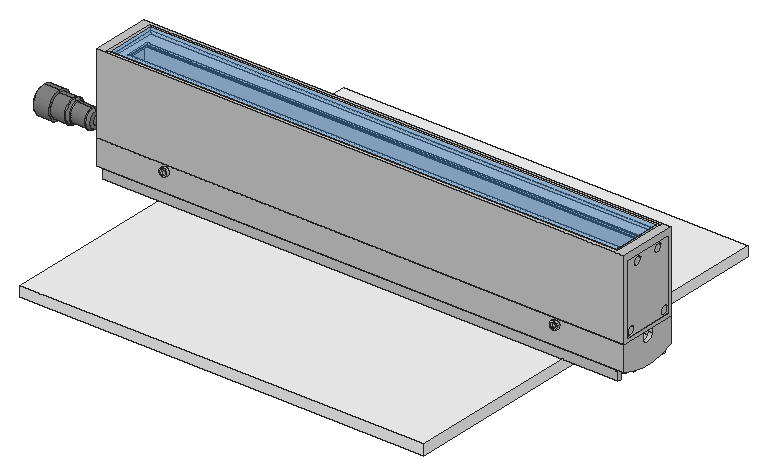
Revit family "BE_77152_de_DE", category Leuchten, Revit 2015
Parameters (values of type "BEGA_77152_Silber_K3")
  built-in parameter 1150104 = 12.525 (stored number, unit not read)
  Wattage = 16.8 W
  Default Elevation = 0 mm
  built-in parameter 1150113 = 1 (stored number, unit not read)
  built-in parameter 1114218 = 1 (stored number, unit not read)
  Umgebungstemperatur = "25 °C"
  URL = "http://www.bega.de/produkt/77152"
  Typenkommentare = "© 2017 BEGA. Wir behalten uns das Recht vor, technische Änderungen ohne vorherige Ankündigung vorzunehmen."  # constant formula
  Type Image = 77152.png
  built-in parameter 1150134 = (empty or 0)
  built-in parameter 1150109 = 1 (stored number, unit not read)
  Strom = ""
  built-in parameter 1150110 = 1 (stored number, unit not read)
  Spannung = 239.996 V
  Sonderanfertigung = no
  Seriennummer [instance] = "Hier können Sie die eindeutige Seriennummer für das Facility Management eintragen."
  Schutzklasse = "I"
  Schutzart = "IP 65"
  Scheinlast = 0 VA
  Produktdatenblatt = "http://www.bega.de/download/Xrfa/db/77152.db.de.pdf"
  Oberflächentemperatur = ""
  Neigungswinkel = 0.00°
  Modell = "77152AK3"
  Material_18 = BEGA_Gummi_schwarz
  Material_17 = BEGA_Reflektor
  Material_15 = BEGA_Leuchtmedium_matt
  Material_11 = BEGA_Glas_opal
  Material_10 = BEGA_Glas_matt
  Material_09 = BEGA_Glas_klar
  Material_06 = BEGA_Oberfläche_Edelstahl_gebürstet
  Material_04 = BEGA_Kunststoff_Grafit_matt
  Material_03 = BEGA_Oberfläche_Weiss_matt
  Material_02 = BEGA_Oberfläche_Silber_matt
  Material_01 [instance] = BEGA_Oberfläche_Grafit_matt
  M_G = no
  M_A = yes
  Logo = 0
  built-in parameter 1114217 = 1 (stored number, unit not read)
  built-in parameter 1150139 = (empty or 0)
  built-in parameter 1150105 = 180.24 (stored number, unit not read)
  built-in parameter 1150114 = 1 (stored number, unit not read)
  Lumens = 2264.98 lm
  built-in parameter 1150115 = 1 (stored number, unit not read)
  Leuchtenlichtstrom = "1191 lm"
  Leuchtenanzahl = ""
  Lebensdauerkriterien = "L70 = 50.000 h"
  Lastklassifizierung = Beleuchtung
  built-in parameter 1150112 = 1 (stored number, unit not read)
  Lampenlichtstrom = "2265 lm"
  Lampe = "LED 16.8 W"
  LED_Modulbezeichnung = "LED-0612/830"
  built-in parameter 1150142 = (empty or 0)
  Hersteller = "BEGA"  # constant formula
  Halbstreuwinkel = ""
  Gewicht = "3.0 kg"
  Gebrauchslageneinschränkung [instance] = ""
  Frequenz = "0/50-60 Hz"
  Farbwiedergabeindex = "Ra > 80"
  Farbtemperaturverschiebung bei Dämpfen der Lampe = <Keine Auswahl>
  Farbtemperatur = "3000 K"
  Color Filter = 16777215
  built-in parameter 1150133 = 10 (stored number, unit not read)
  Energieeffizienzklasse = "LED A++ - A"
  built-in parameter 1150137 = (empty or 0)
  built-in parameter 1150132 = (empty or 0)
  ENEC = ""
  Dimmbar [instance] = "DALI"
  Datei für fotometrisches Netz = "BE_77152K3.IES"
  CE_Konformität = "ja"
  Bestellnummer = "77152AK3"
  Beschreibung_Sonderanfertigung = "Hier können Sie Informationen zur Sonderanfertigung eintragen."
  Beschreibung = "Fassadenscheinwerfer"
  built-in parameter 1150106 = 1.8024 (stored number, unit not read)
  Befestigungsbohrung = "Ø 7 mm"
  Befestigungsabstand = "400 mm"
  Ballwurfsicher = ""
  BEGA_Intern_aus = yes
  BEGA_Intern_an = yes
  BEGA_Intern_Konstruktion = yes
  BEGA_Intern = yes
  BEGA_IES = yes
  BEGA_Dummy = no
  Anschlussleitung = "0.5 m X05BQ-F 5 G 1²"
  Anschlussleistung [instance] = "19.5 W"
  Anschlusskasten = ""
  built-in parameter 1150107 = 3000 (stored number, unit not read)
  built-in parameter 1150102 = (empty or 0)
  built-in parameter 1150138 = (empty or 0)
  Aktualisierung = "2017-01-26T04:13:31"
  Abstand_zur_angestrahlten_Fläche [instance] = ""
  AC/DC = "AC/DC"
Types (4, lengths in mm): name | built-in parameter 1150104 | built-in parameter 1150134 | Modell | M_G | M_A | built-in parameter 1150105 | Lumens | Leuchtenlichtstrom | Lampenlichtstrom | LED_Modulbezeichnung | Farbtemperatur | Datei für fotometrisches Netz | Bestellnummer | built-in parameter 1150106 | built-in parameter 1150107
  BEGA_77152_Grafit_K3 | 12.525 (stored number, unit not read) | (empty or 0) | "77152K3" | yes | no | 180.24 (stored number, unit not read) | 2264.98 lm | "1191 lm" | "2265 lm" | "LED-0612/830" | "3000 K" | "BE_77152K3.IES" | "77152K3" | 1.8024 (stored number, unit not read) | 3000 (stored number, unit not read)
  BEGA_77152_Silber_K4 | 13.686 (stored number, unit not read) | 12 | "77152A" | no | yes | 196.95 (stored number, unit not read) | 2474.98 lm | "1302 lm" | "2475 lm" | "LED-0612/840" | "4000 K" | "BE_77152.IES" | "77152A" | 1.9695 (stored number, unit not read) | 4000 (stored number, unit not read)
  BEGA_77152_Silber_K3 | 12.525 (stored number, unit not read) | (empty or 0) | "77152AK3" | no | yes | 180.24 (stored number, unit not read) | 2264.98 lm | "1191 lm" | "2265 lm" | "LED-0612/830" | "3000 K" | "BE_77152K3.IES" | "77152AK3" | 1.8024 (stored number, unit not read) | 3000 (stored number, unit not read)
  BEGA_77152_Grafit_K4 | 13.686 (stored number, unit not read) | 12 | "77152" | yes | no | 196.95 (stored number, unit not read) | 2474.98 lm | "1302 lm" | "2475 lm" | "LED-0612/840" | "4000 K" | "BE_77152.IES" | "77152" | 1.9695 (stored number, unit not read) | 4000 (stored number, unit not read)
Reference planes
  plane 1 "Mitte (Vorne/Hinten)": y = 0
  plane 2: z = 0
  plane 3 "Mitte (Links/Rechts)": x = 0
  plane 4 "Links": x = -261
  plane 5 "Rechts": x = 261
  plane 6 "Unten": y = -29
  plane 7 "Oben": y = 29
  plane 8 "Vorne": z = 113.3
  plane 9 "Hinten": z = -10
Forms (mm)
  Extrusion 1, solid, material "BEGA_Platte_Weiss"
    sketch origin (0, -1119.2, 0) x (1, 0, 0) y (0, 1, 0)
      loop
        line (-200, 1319.2) -> (-200, 919.2) -> (200, 919.2) -> (200, 1319.2) -> (-200, 1319.2)
    from 0 to -10
  Extrusion 2, solid, material "BEGA_Dummy_matt", visible <- "BEGA_Dummy"
    sketch origin (80.095, -76.023, 0) x (1, 0, 0) y (0, 1, 0)
      loop
        line (-341.095, 105.023) -> (-341.095, 47.023) -> (180.905, 47.023) -> (180.905, 105.023) -> (-341.095, 105.023)
    from 0 to 113.3
Dimensions and locks
  plane 1 "Mitte (Vorne/Hinten)" to Extrusion 1 = 200 mm
  aligned and locked: plane 2 to Extrusion 1
  aligned and locked: level to Extrusion 1
Nested families
  nested 1: "BE_77152_Scheinwerfer" at (0, 0, 0), type "BE_77152_Scheinwerfer"
Connectors
  electrical at (0, 0, 0), driven by "Lastklassifizierung", driven by "Spannung", driven by "Scheinlast"
    settings: index 1, voltage 239.996 V, apparent load 0 VA, apparent load phase1 0 VA, apparent load phase2 0 VA, apparent load phase3 0 VA, power factor 1, load classification "Beleuchtung", number of poles 1, system type 31, power factor state 1, is connector primary yes, connector utility no, sub classification motor no, connector description ""
Definition of nested family "BE_77152_Scheinwerfer"
  Parameters (values of type "BE_77152_Scheinwerfer")
    Default Elevation = 1 mm
    URL = "http://www.bega.de/de/produkt"
    Type Comments = "© 2015 BEGA. Wir behalten uns das Recht vor, technische Änderungen ohne vorherige Ankündigung vorzunehmen. "  # constant formula
    Type Image = (empty or 0)
    Material_18 = none
    Material_17 = none
    Material_15 = none
    Material_11 = none
    Material_10 = none
    Material_09 = none
    Material_06 = none
    Material_04 = none
    Material_03 = none
    Material_02 = none
    Material_01 = none
    M_W = yes
    M_G = yes
    M_A = yes
    Länge_Platte = 600 mm  # constant formula
    Höhe_Platte = -10 mm  # constant formula
    Manufacturer = "BEGA"  # constant formula
    Breite_Platte = 200 mm  # constant formula
  Reference planes
    plane 1 "Mitte (Oben/Unten)": y = 0
    plane 2: z = 0
    plane 3 "Mitte (Links/Rechts)": x = 0
    plane 4: x = -342.9
    plane 5: x = 261
    plane 6: z = 113.3
    plane 7: y = -29
    plane 8: y = 29
  Forms (mm)
    Extrusion 1, solid, detail levels medium
      sketch origin (0, 0, 0) x (1, 0, 0) y (0, 1, 0)
        loop
          line (-300, 100) -> (-300, -100) -> (300, -100) -> (300, 100) -> (-300, 100)
      from 0 to -10 <- "Höhe_Platte"
    Extrusion 2, solid, material <- "Material_01", visible <- "M_G", detail levels medium+fine
      sketch origin (0, 0, 0) x (0, 1, 0) y (0, 0, 1)
        loop
          line (-29, 0) -> (-26.3, 0) -> (-26.3, 4.91)
          arc (-26.3, 4.91) -> (-26.086, 5.32) -> (-25.627, 5.379) r 0.5
          arc (-25.627, 5.379) -> (-17.92, 3.003) -> (-10, 1.479) r 74
          line (-10, 1.479) -> (-10, 0.2) -> (10, 0.2) -> (10, 1.482)
          arc (10, 1.482) -> (17.921, 3.006) -> (25.629, 5.383) r 73.998
          arc (25.629, 5.383) -> (26.086, 5.326) -> (26.299, 4.918) r 0.497
          line (26.299, 4.918) -> (26.299, 0) -> (29, 0) -> (29, 8.899)
          arc (29, 8.899) -> (28.775, 9.317) -> (28.302, 9.358) r 0.5
          arc (28.302, 9.358) -> (0, 3.5) -> (-28.301, 9.358) r 71.3
          arc (-28.301, 9.358) -> (-28.774, 9.317) -> (-29, 8.899) r 0.5
          line (-29, 8.899) -> (-29, 0)
      from -255 to 255
    Extrusion 3, solid, material <- "Material_01", visible <- "M_G", detail levels medium+fine
      sketch origin (0, 0, 0) x (0, 1, 0) y (0, 0, 1)
        loop
          arc (-29, 9.993) -> (0, 3.8) -> (29, 9.993) r 71
          line (29, 9.993) -> (29, 34.8) -> (25.401, 34.8) -> (25.401, 12.395)
          arc (25.401, 12.395) -> (0, 7.696) -> (-25.401, 12.395) r 71
          line (-25.401, 12.395) -> (-25.401, 34.8) -> (-29, 34.8) -> (-29, 9.993)
      from -261 to 261
    Sweep 4, solid, material <- "Material_01", visible <- "M_G", detail levels medium+fine
      path origin (0, 0, 0) x (1, 0, 0) y (0, 1, 0)
        loop
          line (-261, 29) -> (-261, -29) -> (261, -29) -> (261, 29) -> (-261, 29)
      profile origin (-261, 0, 0) x (1, 0, 0) y (0, 0, 1)
        loop
          line (0, 113.3) -> (0, 34.8) -> (11, 34.8) -> (11, 40.679) -> (3.5, 40.679) -> (3.5, 103.406) -> (17.035, 103.406)
          arc (17.035, 103.406) -> (17.719, 103.711) -> (18, 104.406) r 1
          line (18, 104.406) -> (18, 105.896)
          arc (18, 105.896) -> (17.713, 106.596) -> (17.017, 106.895) r 1
          line (17.017, 106.895) -> (11.125, 106.895) -> (8.794, 113.3) -> (0, 113.3)
    Extrusion 5, void
      sketch origin (0, 0, 0) x (1, 0, 0) y (0, 0, 1)
        loop
          line (261, 37.756) -> (261, 107.746) -> (258.218, 107.746) -> (258.218, 37.756) -> (261, 37.756)
      from -26.267 to 26.244
    Extrusion 6, solid, material <- "Material_01", visible <- "M_G", detail levels medium+fine
      sketch origin (0, 0, 0) x (1, 0, 0) y (0, 0, 1)
        loop
          line (260.719, 106.748) -> (258.218, 106.748) -> (258.218, 38.353) -> (260.719, 38.353) -> (260.719, 106.748)
      from -25.5 to 25.5
    Extrusion 7, solid, material <- "Material_01", visible <- "M_G", detail levels medium+fine
      sketch origin (0, 0, 0) x (0, 1, 0) y (0, 0, 1)
        loop
          line (-29, 34.8) -> (-29, 9.993)
          arc (-29, 9.993) -> (0, 3.8) -> (29, 9.993) r 71
          line (29, 9.993) -> (29, 34.8) -> (6, 34.8) -> (6, 29.8)
          arc (6, 29.8) -> (0, 23.8) -> (-6, 29.8) r 6
          line (-6, 29.8) -> (-6, 34.8) -> (-29, 34.8)
      from 257 to 261
    Extrusion 8, solid, material <- "Material_01", visible <- "M_G", detail levels medium+fine
      sketch origin (0, 0, 0) x (0, 1, 0) y (0, 0, -1)
        loop
          line (-29, -34.8) -> (-6, -34.8) -> (-6, -29.8)
          arc (-6, -29.8) -> (0, -23.8) -> (6, -29.8) r 6
          line (6, -29.8) -> (6, -34.8) -> (29, -34.8) -> (29, -10.487)
          arc (29, -10.487) -> (0, -4.294) -> (-29, -10.487) r 71
          line (-29, -10.487) -> (-29, -34.8)
      from 257 to 261
    Extrusion 9, void
      sketch origin (0, 0, 0) x (1, 0, 0) y (0, 1, 0)
        loop
          circle (0, 0) r 7.5
        loop
          circle (-200, 0) r 3.5
        loop
          circle (200, 0) r 3.5
      from 0 to 10
    Revolve 10, solid, material <- "Material_01", visible <- "M_G", detail levels medium+fine
      sketch origin (-193, 0, 0) x (0, 1, 0) y (0, 0, 1)
        loop
          line (-31.453, 32.75) -> (-31.453, 31.8) -> (-27.5, 31.8) -> (-27.5, 32.75) -> (-31.453, 32.75)
        axis (-31.453, 28.8) -> (-27.5, 28.8)
      angle from 0 to 360
    Revolve 11, solid, material <- "Material_01", visible <- "M_G", detail levels medium+fine
      sketch origin (193, 0, 0) x (0, 1, 0) y (0, 0, -1)
        loop
          line (-31.453, -32.75) -> (-27.5, -32.75) -> (-27.5, -31.8) -> (-31.453, -31.8) -> (-31.453, -32.75)
        axis (-31.453, -28.8) -> (-27.5, -28.8)
      angle from 0 to 360
    Revolve 12, solid, material <- "Material_06", detail levels fine
      sketch origin (-193, 0, 0) x (0, 1, 0) y (0, 0, 1)
        loop
          line (-30.053, 31.8) -> (-30.053, 28.8) -> (-26.193, 28.8) -> (-26.193, 31.8) -> (-30.053, 31.8)
        axis (-30.053, 28.8) -> (-26.193, 28.8)
      angle from 0 to 360
    Revolve 13, solid, material <- "Material_06", detail levels fine
      sketch origin (193, 0, 0) x (0, 1, 0) y (0, 0, -1)
        loop
          line (-30.053, -31.8) -> (-26.193, -31.8) -> (-26.193, -28.8) -> (-30.053, -28.8) -> (-30.053, -31.8)
        axis (-30.053, -28.8) -> (-26.193, -28.8)
      angle from 0 to 360
    Revolve 14, solid, material <- "Material_04", detail levels medium+fine
      sketch origin (0, 0, 0) x (1, 0, 0) y (0, 0, 1)
        loop
          line (-320.8, 43.3) -> (-335.5, 43.3) -> (-336.7, 42.1) -> (-336.7, 32.8) -> (-342.9, 32.8) -> (-342.9, 29.8) -> (-260.5, 29.8) -> (-260.5, 34.15) -> (-284, 34.15) -> (-284, 37.8) -> (-287, 39.3) -> (-288, 39.3)
          arc (-288, 39.3) -> (-288.146, 38.947) -> (-288.5, 38.8) r 0.5
          line (-288.5, 38.8) -> (-302.464, 38.8)
          arc (-302.464, 38.8) -> (-303.418, 38.99) -> (-304.228, 39.528) r 2.5
          line (-304.228, 39.528) -> (-305.707, 41.008)
          arc (-305.707, 41.008) -> (-306.032, 41.224) -> (-306.414, 41.3) r 1
          line (-306.414, 41.3) -> (-320, 41.3) -> (-320, 39.8) -> (-320.8, 39.8) -> (-320.8, 43.3)
        axis (-342.9, 29.8) -> (-260.5, 29.8)
      angle from 0 to 360
    Revolve 15, void
      sketch origin (0, -12.5, -0.101) x (1, 0, 0) y (0, 0, 1)
        loop
          line (261.225, 106.482) -> (258.494, 103.752) -> (258.494, 101.902) -> (261.225, 101.902) -> (261.225, 106.482)
        axis (258.494, 101.902) -> (261.225, 101.902)
      angle from 0 to 360
    Revolve 16, void
      sketch origin (0, 12.5, -0.101) x (1, 0, 0) y (0, 0, -1)
        loop
          line (261.225, -106.482) -> (261.225, -101.902) -> (258.494, -101.902) -> (258.494, -103.752) -> (261.225, -106.482)
        axis (258.494, -101.902) -> (261.225, -101.902)
      angle from 0 to 360
    Revolve 17, void
      sketch origin (0, -20.5, -58.602) x (1, 0, 0) y (0, 0, 1)
        loop
          line (261.225, 106.482) -> (258.494, 103.752) -> (258.494, 101.902) -> (261.225, 101.902) -> (261.225, 106.482)
        axis (258.494, 101.902) -> (261.225, 101.902)
      angle from 0 to 360
    Revolve 18, void
      sketch origin (0, 20.5, -58.602) x (1, 0, 0) y (0, 0, -1)
        loop
          line (261.225, -106.482) -> (261.225, -101.902) -> (258.494, -101.902) -> (258.494, -103.752) -> (261.225, -106.482)
        axis (258.494, -101.902) -> (261.225, -101.902)
      angle from 0 to 360
    Extrusion 19, solid, material <- "Material_06", detail levels fine
      sketch origin (0, 0, 0) x (0, 1, 0) y (0, 0, 1)
        loop
          circle (-12.5, 101.8) r 4.009
        loop
          circle (12.5, 101.8) r 4.009
        loop
          circle (-20.5, 43.3) r 4.009
        loop
          circle (20.5, 43.3) r 4.009
      from 259.244 to 260.506
    Extrusion 20, solid, material <- "Material_10", detail levels medium+fine
      sketch origin (0, 0, 0) x (1, 0, 0) y (0, 0, 1)
        loop
          line (-250.25, 113) -> (-250.25, 109) -> (250.25, 109) -> (250.25, 113) -> (-250.25, 113)
      from -25 to 25
    Sweep 21, void
      path origin (0, 0, 0) x (1, 0, 0) y (0, 1, 0)
        loop
          line (255, 29) -> (-255, 29) -> (-255, -29) -> (255, -29) -> (255, 29)
      profile origin (0, 29, 0) x (0, -1, 0) y (0, 0, 1)
        loop
          line (12.06, 106.895) -> (9.517, 113.881) -> (2.237, 113.881) -> (4.779, 106.895) -> (12.06, 106.895)
    Extrusion 22, solid, material <- "Material_02", visible <- "M_A", detail levels medium+fine
      sketch origin (0, 0, 0) x (0, 1, 0) y (0, 0, 1)
        loop
          line (-29, 0) -> (-26.3, 0) -> (-26.3, 4.91)
          arc (-26.3, 4.91) -> (-26.086, 5.32) -> (-25.627, 5.379) r 0.5
          arc (-25.627, 5.379) -> (-17.92, 3.003) -> (-10, 1.479) r 74
          line (-10, 1.479) -> (-10, 0.2) -> (10, 0.2) -> (10, 1.482)
          arc (10, 1.482) -> (17.921, 3.006) -> (25.629, 5.383) r 73.998
          arc (25.629, 5.383) -> (26.086, 5.326) -> (26.299, 4.918) r 0.497
          line (26.299, 4.918) -> (26.299, 0) -> (29, 0) -> (29, 8.899)
          arc (29, 8.899) -> (28.775, 9.317) -> (28.302, 9.358) r 0.5
          arc (28.302, 9.358) -> (0, 3.5) -> (-28.301, 9.358) r 71.3
          arc (-28.301, 9.358) -> (-28.774, 9.317) -> (-29, 8.899) r 0.5
          line (-29, 8.899) -> (-29, 0)
      from -255 to 255
    Extrusion 23, solid, material <- "Material_02", visible <- "M_A", detail levels medium+fine
      sketch origin (0, 0, 0) x (0, 1, 0) y (0, 0, 1)
        loop
          arc (-29, 9.993) -> (0, 3.8) -> (29, 9.993) r 71
          line (29, 9.993) -> (29, 34.8) -> (25.401, 34.8) -> (25.401, 12.395)
          arc (25.401, 12.395) -> (0, 7.696) -> (-25.401, 12.395) r 71
          line (-25.401, 12.395) -> (-25.401, 34.8) -> (-29, 34.8) -> (-29, 9.993)
      from -261 to 261
    Extrusion 24, solid, material <- "Material_02", visible <- "M_A", detail levels medium+fine
      sketch origin (0, 0, 0) x (0, 1, 0) y (0, 0, 1)
        loop
          line (-29, 34.8) -> (-29, 9.993)
          arc (-29, 9.993) -> (0, 3.8) -> (29, 9.993) r 71
          line (29, 9.993) -> (29, 34.8) -> (6, 34.8) -> (6, 29.8)
          arc (6, 29.8) -> (0, 23.8) -> (-6, 29.8) r 6
          line (-6, 29.8) -> (-6, 34.8) -> (-29, 34.8)
      from 257 to 261
    Extrusion 25, solid, material <- "Material_02", visible <- "M_A", detail levels medium+fine
      sketch origin (0, 0, 0) x (0, 1, 0) y (0, 0, -1)
        loop
          line (-29, -34.8) -> (-6, -34.8) -> (-6, -29.8)
          arc (-6, -29.8) -> (0, -23.8) -> (6, -29.8) r 6
          line (6, -29.8) -> (6, -34.8) -> (29, -34.8) -> (29, -10.487)
          arc (29, -10.487) -> (0, -4.294) -> (-29, -10.487) r 71
          line (-29, -10.487) -> (-29, -34.8)
      from 257 to 261
    Revolve 26, solid, material <- "Material_02", visible <- "M_A", detail levels medium+fine
      sketch origin (-193, 0, 0) x (0, 1, 0) y (0, 0, 1)
        loop
          line (-31.453, 32.75) -> (-31.453, 31.8) -> (-27.5, 31.8) -> (-27.5, 32.75) -> (-31.453, 32.75)
        axis (-31.453, 28.8) -> (-27.5, 28.8)
      angle from 0 to 360
    Revolve 27, solid, material <- "Material_02", visible <- "M_A", detail levels medium+fine
      sketch origin (193, 0, 0) x (0, 1, 0) y (0, 0, -1)
        loop
          line (-31.453, -32.75) -> (-27.5, -32.75) -> (-27.5, -31.8) -> (-31.453, -31.8) -> (-31.453, -32.75)
        axis (-31.453, -28.8) -> (-27.5, -28.8)
      angle from 0 to 360
    Sweep 28, solid, material <- "Material_02", visible <- "M_A", detail levels medium+fine
      path origin (0, 0, 0) x (1, 0, 0) y (0, 1, 0)
        loop
          line (-261, 29) -> (-261, -29) -> (261, -29) -> (261, 29) -> (-261, 29)
      profile origin (-261, 0, 0) x (1, 0, 0) y (0, 0, 1)
        loop
          line (0, 113.3) -> (0, 34.8) -> (11, 34.8) -> (11, 40.679) -> (3.5, 40.679) -> (3.5, 103.406) -> (17.035, 103.406)
          arc (17.035, 103.406) -> (17.719, 103.711) -> (18, 104.406) r 1
          line (18, 104.406) -> (18, 105.896)
          arc (18, 105.896) -> (17.713, 106.596) -> (17.017, 106.895) r 1
          line (17.017, 106.895) -> (11.125, 106.895) -> (8.794, 113.3) -> (0, 113.3)
    Extrusion 29, solid, material <- "Material_02", visible <- "M_A", detail levels medium+fine
      sketch origin (0, 0, 0) x (1, 0, 0) y (0, 0, 1)
        loop
          line (260.719, 106.748) -> (258.218, 106.748) -> (258.218, 38.353) -> (260.719, 38.353) -> (260.719, 106.748)
      from -25.5 to 25.5
  Cuts and joins
    Extrusion 5, Sweep 21 cuts Sweep 4
    Extrusion 9 cuts Extrusion 3
    Extrusion 9 cuts Extrusion 7
    Extrusion 9 cuts Extrusion 8
    joined: Extrusion 3, Extrusion 7, Extrusion 8, Revolve 10, Revolve 11
    Extrusion 9 cuts Extrusion 2
    Revolve 15, Revolve 16, Revolve 17, Revolve 18 cuts Extrusion 6
    Extrusion 9 cuts Extrusion 22
    joined: Extrusion 23, Extrusion 24, Extrusion 25, Revolve 26, Revolve 27
    Extrusion 5, Sweep 21 cuts Sweep 28
    Revolve 15, Revolve 16, Revolve 17, Revolve 18 cuts Extrusion 29
  Dimensions and locks
    equal spacing: Extrusion 1 sketch curve, plane 3 "Mitte (Links/Rechts)", Extrusion 1 sketch curve
    equal spacing: Extrusion 1 sketch curve, plane 1 "Mitte (Oben/Unten)", Extrusion 1 sketch curve
    "Länge_Platte": Extrusion 1 sketch curve to Extrusion 1 sketch curve
    "Breite_Platte": Extrusion 1 sketch curve to Extrusion 1 sketch curve
    level to Extrusion 3 = 34.8 mm
    aligned and locked: Extrusion 1 to plane 2
    aligned and locked: level to Extrusion 1
  Automatic sketch dimensions
    Extrusion 2 sketch curve to Extrusion 2 sketch curve = 0 mm  (x5)
    Extrusion 2 sketch curve to level = 0 mm  (x2)
    level to Extrusion 2 sketch curve = 8.899 mm
    plane 1 "Mitte (Oben/Unten)" to Extrusion 2 sketch curve = 29 mm
    Extrusion 2 sketch curve to Extrusion 2 sketch curve = 0.5 mm  (x2)
    Extrusion 2 sketch curve to Extrusion 2 sketch curve = 2.7 mm
    level to Extrusion 2 sketch curve = 0.2 mm
    plane 1 "Mitte (Oben/Unten)" to Extrusion 2 sketch curve = 10 mm
    Extrusion 2 sketch curve to plane 1 "Mitte (Oben/Unten)" = 0 mm  (x2)
    Extrusion 2 sketch curve to plane 1 "Mitte (Oben/Unten)" = 10 mm
    level to Extrusion 2 sketch curve = 4.918 mm
    Extrusion 2 sketch curve to Extrusion 2 sketch curve = 15.802 mm
    Extrusion 2 sketch curve to Extrusion 2 sketch curve = 0.497 mm
    Extrusion 2 sketch curve to Extrusion 2 sketch curve = 2.201 mm
    Extrusion 2 sketch curve to Extrusion 2 sketch curve = 2.701 mm
    Extrusion 2 sketch curve to Extrusion 2 sketch curve = 1.279 mm
    Extrusion 2 sketch curve to Extrusion 2 sketch curve = 1.282 mm
    Extrusion 2 sketch curve to Extrusion 2 sketch curve = 3.989 mm
    Extrusion 2 sketch curve to Extrusion 2 sketch curve = 3.981 mm
    Extrusion 2 sketch curve to Extrusion 2 sketch curve = 65.901 mm
    Extrusion 2 sketch curve to Extrusion 2 sketch curve = 0.002 mm
    Extrusion 2 sketch curve to Extrusion 2 sketch curve = 0.198 mm  (x2)
    Extrusion 3 sketch curve to plane 1 "Mitte (Oben/Unten)" = 0 mm  (x2)
    plane 1 "Mitte (Oben/Unten)" to Extrusion 3 sketch curve = 25.401 mm
    Extrusion 3 sketch curve to Extrusion 3 sketch curve = 3.599 mm  (x2)
    level to Extrusion 3 sketch curve = 12.395 mm
    Extrusion 3 sketch curve to plane 1 "Mitte (Oben/Unten)" = 25.401 mm
    Extrusion 3 sketch curve to Extrusion 3 sketch curve = 2.402 mm
    Extrusion 3 sketch curve to Extrusion 3 sketch curve = 22.405 mm  (x2)
    Extrusion 3 sketch curve to Extrusion 3 sketch curve = 40 mm
    Extrusion 3 sketch curve to Extrusion 3 sketch curve = 3.895 mm
    plane 1 "Mitte (Oben/Unten)" to Sweep 4 sketch curve = 29 mm
    Sweep 4 sketch curve to plane 3 "Mitte (Links/Rechts)" = 261 mm
    plane 3 "Mitte (Links/Rechts)" to Sweep 4 sketch curve = 261 mm
    Sweep 4 sketch curve to plane 1 "Mitte (Oben/Unten)" = 29 mm
    profile plane to Sweep 4 sketch curve = 0 mm
    Sweep 4 sketch curve to profile plane = 3.5 mm
    Sweep 4 sketch curve to profile plane = 8.794 mm
    Sweep 4 sketch curve to Sweep 4 sketch curve = 7.5 mm
    Sweep 4 sketch curve to Sweep 4 sketch curve = 2.331 mm
    Sweep 4 sketch curve to Sweep 4 sketch curve = 5.875 mm
    Sweep 4 sketch curve to Sweep 4 sketch curve = 0 mm
    Sweep 4 sketch curve to Sweep 4 sketch curve = 0.017 mm
    Sweep 4 sketch curve to Sweep 4 sketch curve = 0.035 mm
    Sweep 4 sketch curve to Sweep 4 sketch curve = 1 mm
    level to Sweep 4 sketch curve = 34.8 mm
    Sweep 4 sketch curve to Sweep 4 sketch curve = 5.878 mm
    Sweep 4 sketch curve to Sweep 4 sketch curve = 62.728 mm
    Sweep 4 sketch curve to Sweep 4 sketch curve = 1.49 mm
    Sweep 4 sketch curve to Sweep 4 sketch curve = 9.894 mm
    level to Extrusion 5 sketch curve = 37.756 mm
    plane 3 "Mitte (Links/Rechts)" to Extrusion 5 sketch curve = 258.218 mm
    Extrusion 5 sketch curve to Extrusion 5 sketch curve = 2.782 mm
    Extrusion 5 sketch curve to Extrusion 5 sketch curve = 69.99 mm
    level to Extrusion 6 sketch curve = 38.353 mm
    plane 3 "Mitte (Links/Rechts)" to Extrusion 6 sketch curve = 258.218 mm
    Extrusion 6 sketch curve to Extrusion 6 sketch curve = 2.501 mm
    Extrusion 6 sketch curve to Extrusion 6 sketch curve = 68.395 mm
    Extrusion 7 sketch curve to plane 1 "Mitte (Oben/Unten)" = 0 mm  (x2)
    plane 1 "Mitte (Oben/Unten)" to Extrusion 7 sketch curve = 6 mm
    Extrusion 7 sketch curve to Extrusion 7 sketch curve = 23 mm
    level to Extrusion 7 sketch curve = 9.993 mm
    Extrusion 7 sketch curve to plane 1 "Mitte (Oben/Unten)" = 29 mm
    level to Extrusion 7 sketch curve = 29.8 mm
    Extrusion 7 sketch curve to Extrusion 7 sketch curve = 5 mm  (x2)
    Extrusion 7 sketch curve to Extrusion 7 sketch curve = 40 mm
    Extrusion 8 sketch curve to plane 1 "Mitte (Oben/Unten)" = 0 mm  (x2)
    plane 1 "Mitte (Oben/Unten)" to Extrusion 8 sketch curve = 6 mm
    Extrusion 8 sketch curve to Extrusion 8 sketch curve = 23 mm
    level to Extrusion 8 sketch curve = 10.487 mm
    Extrusion 8 sketch curve to plane 1 "Mitte (Oben/Unten)" = 29 mm
    level to Extrusion 8 sketch curve = 29.8 mm
    Extrusion 8 sketch curve to Extrusion 8 sketch curve = 5 mm  (x2)
    Extrusion 8 sketch curve to Extrusion 8 sketch curve = 40.494 mm
    Extrusion 9 sketch curve to plane 1 "Mitte (Oben/Unten)" = 0 mm
    plane 1 "Mitte (Oben/Unten)" to Extrusion 9 sketch curve = 0 mm  (x2)
    Extrusion 9 sketch curve to plane 3 "Mitte (Links/Rechts)" = 0 mm
    Extrusion 9 sketch curve to Extrusion 9 sketch curve = 200 mm
    plane 3 "Mitte (Links/Rechts)" to Extrusion 9 sketch curve = 200 mm
    plane 1 "Mitte (Oben/Unten)" to Revolve 10 sketch curve = 31.453 mm
    Revolve 10 sketch curve to Revolve 10 sketch curve = 3.953 mm
    level to Revolve 10 sketch curve = 31.8 mm
    Revolve 10 sketch curve to Revolve 10 sketch curve = 0.95 mm
    Revolve 10 sketch curve to Revolve 10 sketch curve = 0.641 mm
    Revolve 10 sketch curve to Revolve 10 sketch curve = 2.294 mm
    Revolve 10 sketch curve to Revolve 10 sketch curve = 3 mm
    plane 1 "Mitte (Oben/Unten)" to Revolve 11 sketch curve = 31.453 mm
    Revolve 11 sketch curve to Revolve 11 sketch curve = 3.953 mm
    level to Revolve 11 sketch curve = 32.75 mm
    Revolve 11 sketch curve to Revolve 11 sketch curve = 0.95 mm
    Revolve 11 sketch curve to Revolve 11 sketch curve = 0.641 mm
    Revolve 11 sketch curve to Revolve 11 sketch curve = 2.294 mm
    Revolve 11 sketch curve to Revolve 11 sketch curve = 3 mm
    plane 1 "Mitte (Oben/Unten)" to Revolve 12 sketch curve = 30.053 mm
    Revolve 12 sketch curve to Revolve 12 sketch curve = 3.861 mm
    level to Revolve 12 sketch curve = 28.8 mm
    Revolve 12 sketch curve to Revolve 12 sketch curve = 3 mm
    Revolve 12 sketch curve to Revolve 12 sketch curve = 1.053 mm
    Revolve 12 sketch curve to Revolve 12 sketch curve = 1.25 mm
    Revolve 12 sketch curve to Revolve 12 sketch curve = 0 mm
    plane 1 "Mitte (Oben/Unten)" to Revolve 13 sketch curve = 30.053 mm
    Revolve 13 sketch curve to Revolve 13 sketch curve = 3.861 mm
    level to Revolve 13 sketch curve = 31.8 mm
    Revolve 13 sketch curve to Revolve 13 sketch curve = 3 mm
    Revolve 13 sketch curve to Revolve 13 sketch curve = 1.053 mm
    Revolve 13 sketch curve to Revolve 13 sketch curve = 1.25 mm
    Revolve 13 sketch curve to Revolve 13 sketch curve = 0 mm
    level to Revolve 14 sketch curve = 29.8 mm
    Revolve 14 sketch curve to plane 3 "Mitte (Links/Rechts)" = 342.9 mm
    level to Revolve 14 sketch curve = 42.1 mm
    Revolve 14 sketch curve to Revolve 14 sketch curve = 6.2 mm
    level to Revolve 14 sketch curve = 43.3 mm
    Revolve 14 sketch curve to Revolve 14 sketch curve = 1.2 mm
    Revolve 14 sketch curve to Revolve 14 sketch curve = 14.7 mm
    Revolve 14 sketch curve to Revolve 14 sketch curve = 0.8 mm
    Revolve 14 sketch curve to Revolve 14 sketch curve = 13.586 mm
    level to Revolve 14 sketch curve = 39.528 mm
    Revolve 14 sketch curve to Revolve 14 sketch curve = 2.187 mm
    Revolve 14 sketch curve to Revolve 14 sketch curve = 1.763 mm
    Revolve 14 sketch curve to Revolve 14 sketch curve = 13.964 mm
    Revolve 14 sketch curve to Revolve 14 sketch curve = 0.5 mm
    Revolve 14 sketch curve to Revolve 14 sketch curve = 1 mm  (x2)
    level to Revolve 14 sketch curve = 37.8 mm
    Revolve 14 sketch curve to Revolve 14 sketch curve = 3 mm  (x2)
    Revolve 14 sketch curve to Revolve 14 sketch curve = 23.5 mm
    Revolve 14 sketch curve to Revolve 14 sketch curve = 4.35 mm
    Revolve 14 sketch curve to Revolve 14 sketch curve = 3.5 mm
    Revolve 14 sketch curve to Revolve 14 sketch curve = 0.772 mm
    Revolve 14 sketch curve to Revolve 14 sketch curve = 1.5 mm
    Revolve 14 sketch curve to Revolve 14 sketch curve = 0.707 mm
    level to Revolve 14 sketch curve = 41.008 mm
    Revolve 14 sketch curve to Revolve 14 sketch curve = 0 mm
    Revolve 14 sketch curve to Revolve 14 sketch curve = 3.702 mm
    Revolve 14 sketch curve to Revolve 14 sketch curve = 7.729 mm
    Revolve 14 sketch curve to Revolve 14 sketch curve = 9 mm
    level to Revolve 15 sketch curve = 101.8 mm
    plane 3 "Mitte (Links/Rechts)" to Revolve 15 sketch curve = 258.494 mm
    Revolve 15 sketch curve to Revolve 15 sketch curve = 2.731 mm  (x2)
    Revolve 15 sketch curve to Revolve 15 sketch curve = 1.85 mm
    Revolve 15 sketch curve to Revolve 15 sketch curve = 0 mm  (x2)
    Revolve 15 sketch curve to Revolve 15 sketch curve = 1.225 mm
    level to Revolve 16 sketch curve = 101.8 mm
    plane 3 "Mitte (Links/Rechts)" to Revolve 16 sketch curve = 258.494 mm
    Revolve 16 sketch curve to Revolve 16 sketch curve = 2.731 mm  (x2)
    Revolve 16 sketch curve to Revolve 16 sketch curve = 1.85 mm
    Revolve 16 sketch curve to Revolve 16 sketch curve = 0 mm  (x2)
    Revolve 16 sketch curve to Revolve 16 sketch curve = 1.225 mm
    level to Revolve 17 sketch curve = 43.3 mm
    plane 3 "Mitte (Links/Rechts)" to Revolve 17 sketch curve = 258.494 mm
    Revolve 17 sketch curve to Revolve 17 sketch curve = 2.731 mm  (x2)
    Revolve 17 sketch curve to Revolve 17 sketch curve = 1.85 mm
    Revolve 17 sketch curve to Revolve 17 sketch curve = 0 mm  (x2)
    Revolve 17 sketch curve to Revolve 17 sketch curve = 1.225 mm
    level to Revolve 18 sketch curve = 43.3 mm
    plane 3 "Mitte (Links/Rechts)" to Revolve 18 sketch curve = 258.494 mm
    Revolve 18 sketch curve to Revolve 18 sketch curve = 2.731 mm  (x2)
    Revolve 18 sketch curve to Revolve 18 sketch curve = 1.85 mm
    Revolve 18 sketch curve to Revolve 18 sketch curve = 0 mm  (x2)
    Revolve 18 sketch curve to Revolve 18 sketch curve = 1.225 mm
    plane 1 "Mitte (Oben/Unten)" to Extrusion 19 sketch curve = 20.5 mm
    plane 1 "Mitte (Oben/Unten)" to Extrusion 19 sketch curve = 12.5 mm
    Extrusion 19 sketch curve to plane 1 "Mitte (Oben/Unten)" = 12.5 mm
    Extrusion 19 sketch curve to plane 1 "Mitte (Oben/Unten)" = 20.5 mm
    level to Extrusion 19 sketch curve = 43.3 mm
    Extrusion 19 sketch curve to Extrusion 19 sketch curve = 0 mm  (x2)
    Extrusion 19 sketch curve to Extrusion 19 sketch curve = 58.5 mm
    level to Extrusion 20 sketch curve = 109 mm
    Extrusion 20 sketch curve to plane 3 "Mitte (Links/Rechts)" = 250.25 mm
    plane 3 "Mitte (Links/Rechts)" to Extrusion 20 sketch curve = 250.25 mm
    Extrusion 20 sketch curve to Extrusion 20 sketch curve = 4 mm
    Sweep 21 sketch curve to plane 1 "Mitte (Oben/Unten)" = 29 mm
    Sweep 21 sketch curve to plane 3 "Mitte (Links/Rechts)" = 255 mm
    plane 1 "Mitte (Oben/Unten)" to Sweep 21 sketch curve = 29 mm
    plane 3 "Mitte (Links/Rechts)" to Sweep 21 sketch curve = 255 mm
    Sweep 21 sketch curve to profile plane = 2.237 mm
    Sweep 21 sketch curve to profile plane = 4.779 mm
    Sweep 21 sketch curve to Sweep 21 sketch curve = 7.28 mm  (x2)
    level to Sweep 21 sketch curve = 106.895 mm
    Sweep 21 sketch curve to Sweep 21 sketch curve = 6.985 mm
    Extrusion 22 sketch curve to Extrusion 22 sketch curve = 0 mm  (x5)
    Extrusion 22 sketch curve to level = 0 mm  (x2)
    level to Extrusion 22 sketch curve = 8.899 mm
    plane 1 "Mitte (Oben/Unten)" to Extrusion 22 sketch curve = 29 mm
    Extrusion 22 sketch curve to Extrusion 22 sketch curve = 0.5 mm  (x2)
    Extrusion 22 sketch curve to Extrusion 22 sketch curve = 2.7 mm
    level to Extrusion 22 sketch curve = 0.2 mm
    plane 1 "Mitte (Oben/Unten)" to Extrusion 22 sketch curve = 10 mm
    Extrusion 22 sketch curve to plane 1 "Mitte (Oben/Unten)" = 0 mm  (x2)
    Extrusion 22 sketch curve to plane 1 "Mitte (Oben/Unten)" = 10 mm
    level to Extrusion 22 sketch curve = 4.918 mm
    Extrusion 22 sketch curve to Extrusion 22 sketch curve = 15.802 mm
    Extrusion 22 sketch curve to Extrusion 22 sketch curve = 0.497 mm
    Extrusion 22 sketch curve to Extrusion 22 sketch curve = 2.201 mm
    Extrusion 22 sketch curve to Extrusion 22 sketch curve = 2.701 mm
    Extrusion 22 sketch curve to Extrusion 22 sketch curve = 1.279 mm
    Extrusion 22 sketch curve to Extrusion 22 sketch curve = 1.282 mm
    Extrusion 22 sketch curve to Extrusion 22 sketch curve = 3.989 mm
    Extrusion 22 sketch curve to Extrusion 22 sketch curve = 3.981 mm
    Extrusion 22 sketch curve to Extrusion 22 sketch curve = 65.901 mm
    Extrusion 22 sketch curve to Extrusion 22 sketch curve = 0.002 mm
    Extrusion 22 sketch curve to Extrusion 22 sketch curve = 0.198 mm  (x2)
    Extrusion 23 sketch curve to plane 1 "Mitte (Oben/Unten)" = 0 mm  (x2)
    plane 1 "Mitte (Oben/Unten)" to Extrusion 23 sketch curve = 25.401 mm
    Extrusion 23 sketch curve to Extrusion 23 sketch curve = 3.599 mm  (x2)
    level to Extrusion 23 sketch curve = 12.395 mm
    Extrusion 23 sketch curve to plane 1 "Mitte (Oben/Unten)" = 25.401 mm
    Extrusion 23 sketch curve to Extrusion 23 sketch curve = 2.402 mm
    Extrusion 23 sketch curve to Extrusion 23 sketch curve = 22.405 mm  (x2)
    Extrusion 23 sketch curve to Extrusion 23 sketch curve = 40 mm
    Extrusion 23 sketch curve to Extrusion 23 sketch curve = 3.895 mm
    Extrusion 24 sketch curve to plane 1 "Mitte (Oben/Unten)" = 0 mm  (x2)
    plane 1 "Mitte (Oben/Unten)" to Extrusion 24 sketch curve = 6 mm
    Extrusion 24 sketch curve to Extrusion 24 sketch curve = 23 mm
    level to Extrusion 24 sketch curve = 9.993 mm
    Extrusion 24 sketch curve to plane 1 "Mitte (Oben/Unten)" = 29 mm
    level to Extrusion 24 sketch curve = 29.8 mm
    Extrusion 24 sketch curve to Extrusion 24 sketch curve = 5 mm  (x2)
    Extrusion 24 sketch curve to Extrusion 24 sketch curve = 40 mm
    Extrusion 25 sketch curve to plane 1 "Mitte (Oben/Unten)" = 0 mm  (x2)
    plane 1 "Mitte (Oben/Unten)" to Extrusion 25 sketch curve = 6 mm
    Extrusion 25 sketch curve to Extrusion 25 sketch curve = 23 mm
    level to Extrusion 25 sketch curve = 10.487 mm
    Extrusion 25 sketch curve to plane 1 "Mitte (Oben/Unten)" = 29 mm
    level to Extrusion 25 sketch curve = 29.8 mm
    Extrusion 25 sketch curve to Extrusion 25 sketch curve = 5 mm  (x2)
    Extrusion 25 sketch curve to Extrusion 25 sketch curve = 40.494 mm
    plane 1 "Mitte (Oben/Unten)" to Revolve 26 sketch curve = 31.453 mm
    Revolve 26 sketch curve to Revolve 26 sketch curve = 3.953 mm
    level to Revolve 26 sketch curve = 31.8 mm
    Revolve 26 sketch curve to Revolve 26 sketch curve = 0.95 mm
    Revolve 26 sketch curve to Revolve 26 sketch curve = 0.641 mm
    Revolve 26 sketch curve to Revolve 26 sketch curve = 2.294 mm
    Revolve 26 sketch curve to Revolve 26 sketch curve = 3 mm
    plane 1 "Mitte (Oben/Unten)" to Revolve 27 sketch curve = 31.453 mm
    Revolve 27 sketch curve to Revolve 27 sketch curve = 3.953 mm
    level to Revolve 27 sketch curve = 32.75 mm
    Revolve 27 sketch curve to Revolve 27 sketch curve = 0.95 mm
    Revolve 27 sketch curve to Revolve 27 sketch curve = 0.641 mm
    Revolve 27 sketch curve to Revolve 27 sketch curve = 2.294 mm
    Revolve 27 sketch curve to Revolve 27 sketch curve = 3 mm
    plane 1 "Mitte (Oben/Unten)" to Sweep 28 sketch curve = 29 mm
    Sweep 28 sketch curve to plane 3 "Mitte (Links/Rechts)" = 261 mm
    plane 3 "Mitte (Links/Rechts)" to Sweep 28 sketch curve = 261 mm
    Sweep 28 sketch curve to plane 1 "Mitte (Oben/Unten)" = 29 mm
    profile plane to Sweep 28 sketch curve = 0 mm
    Sweep 28 sketch curve to profile plane = 3.5 mm
    Sweep 28 sketch curve to profile plane = 8.794 mm
    Sweep 28 sketch curve to Sweep 28 sketch curve = 7.5 mm
    Sweep 28 sketch curve to Sweep 28 sketch curve = 2.331 mm
    Sweep 28 sketch curve to Sweep 28 sketch curve = 5.875 mm
    Sweep 28 sketch curve to Sweep 28 sketch curve = 0 mm
    Sweep 28 sketch curve to Sweep 28 sketch curve = 0.017 mm
    Sweep 28 sketch curve to Sweep 28 sketch curve = 0.035 mm
    Sweep 28 sketch curve to Sweep 28 sketch curve = 1 mm
    level to Sweep 28 sketch curve = 34.8 mm
    Sweep 28 sketch curve to Sweep 28 sketch curve = 5.878 mm
    Sweep 28 sketch curve to Sweep 28 sketch curve = 62.728 mm
    Sweep 28 sketch curve to Sweep 28 sketch curve = 1.49 mm
    Sweep 28 sketch curve to Sweep 28 sketch curve = 9.894 mm
    level to Extrusion 29 sketch curve = 38.353 mm
    plane 3 "Mitte (Links/Rechts)" to Extrusion 29 sketch curve = 258.218 mm
    Extrusion 29 sketch curve to Extrusion 29 sketch curve = 2.501 mm
    Extrusion 29 sketch curve to Extrusion 29 sketch curve = 68.395 mm
    radius of Extrusion 9 sketch curve = 7.5 mm
    radius of Extrusion 9 sketch curve = 3.5 mm  (x2)
    radius of Extrusion 19 sketch curve = 4.009 mm  (x4)
